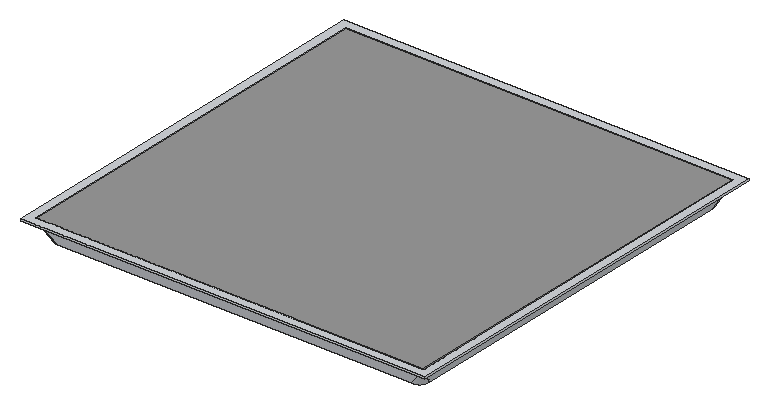
Revit family "44624", category Lighting Fixtures, host Face, Revit 2018
Family settings
  Host = Face
  Round Connector Dimension = Use Diameter
  Part Type = Normal
  OmniClass Number = 23.80.70.00
  OmniClass Title = Lighting
  Cut with Voids When Loaded = No
  Light Source = Yes
  Shared = No
  Room Calculation Point = No
Parameters (values of type "0044624 START PANEL ECO 600X600 3200 840")
  box length = 1160 mm
  Weight = "n/a"
  Wattage Comments = ""
  Wattage = 9.2903 W
  WarrantyStartDate [instance] = "n/a"
  WarrantyGuarantorParts = "n/a"
  WarrantyDurationUnit = "n/a"
  WarrantyDurationParts = ""
  WarrantyDescription = "http://www.sylvania-lighting.com"
  built-in parameter 1150110 = 1 (stored number, unit not read)
  Voltage = 0 V
  URL = "0.9"
  TypeName = "START Panel Eco 600x600 3200lm 840"
  Type Image = <None>
  Type Comments = "n/a"
  built-in parameter 1114217 = 1 (stored number, unit not read)
  Tilt Angle = -90.00°
  built-in parameter 1150109 = 1 (stored number, unit not read)
  built-in parameter 1150134 = 3
  built-in parameter 1150113 = 1 (stored number, unit not read)
  SerialNumber [instance] = "n/a"
  Photometric Web File = "0044624.IES"
  Material_3_SYL = none
  PowerFactor = 0
  PowerConsumption = "Lighting"
  NominalLength = 595 mm
  NominalHeight = 31 mm
  NominalDepth = 595 mm
  Name = "START Panel Eco 600x600 3200lm 840"
  ModelReference = Name  # "START Panel Eco 600x600 3200lm 840"
  ModelNumber = "0044624"
  Model = Name  # "START Panel Eco 600x600 3200lm 840"
  Material = "Feilo Sylvania"
  ManufacturerName = "110 lm/W"
  Manufacturer = ""
  LuminousEfficacy = ""
  built-in parameter 1150105 = 109.82 (stored number, unit not read)
  Lumens = 1380 lm
  LuminaireType = "0"
  built-in parameter 1150115 = 1 (stored number, unit not read)
  LightOutputRatio = "LED"
  built-in parameter 1150137 = (empty or 0)
  built-in parameter 1150139 = (empty or 0)
  LampsType = Lamp  # "n/a"
  LampNominalLuminous = "4000 K"
  LampMacAdamStep = "80"
  LampColourTemperature = "LED"
  LampColourRenderingIndex = "16500"
  built-in parameter 1150112 = 1 (stored number, unit not read)
  built-in parameter 1150114 = 1 (stored number, unit not read)
  Lamp = "n/a"
  Keynote = "n/a"
  InstallationDate [instance] = "n/a"
  InputVoltage = "0"
  InputNominalFrequency = "4000"
  built-in parameter 1150132 = (empty or 0)
  built-in parameter 1150102 = (empty or 0)
  built-in parameter 1150107 = 3200 (stored number, unit not read)
  built-in parameter 1150138 = (empty or 0)
  IngressProtection = "IfcLightFixtureType"
  ImpactProtectionIndex = "IfcLightFixtureType"
  built-in parameter 1150106 = 1.0982 (stored number, unit not read)
  IfcExportType = "IfcLightFixtureType"
  IfcExportAs = "Class II"
  Emit from Circle Diameter = 609.6 mm
  Emit Shape Visible in Rendering = no
  ElectricShockClassification = "110"
  built-in parameter 1150104 = 13.8 (stored number, unit not read)
  DocumentationLiterature = "http://www.sylvania-lighting.com/product/en-int/products/0044624"
  DimmingControlOptions = "n/a"
  Material_2_SYL = none
  Dimming Lamp Color Temperature Shift = <None>
  Description = "LED Panel with backlit technology, ideal for general indoor lighting applications such as breakout areas, offices and meeting rooms. Low glaring UGR<22. RG0, 110 degree beam angle , optical system: PS diffuser with Opal finish. Tp(b) rated diffuser that may not burn at a speed of more than 50mm per minute. Light color temperature: 4000K Neutral White, total system power: 29W , total fixture output: 3200lm, efficacy: 110lm/W, Ra80 typical, LED chromacity: 5 step MacAdam ellipse (SDCM5), lifespan: 100,000 hours at 70% of the original output (L70B50), IR/UV free light source without heat radiation, operating voltage: 220-240V / 50-60Hz, low flicker, non dimmable driver, electrical protection: Class II. Degree of Protection: IP40/IP20, suitable for indoor environment only. Nominal size: 595x595x31mm, Loop in / loop out wiring, saftey cables & quick connector included, 31mm nominal height, White color frame, weight: 1,52kg."
  Default Elevation = 1219.2 mm
  CreatedOn = "15/11/2023"
  CreatedBy = "@sylvania-lighting.com"
  Cost = 0
  Color Filter = 16777215
  built-in parameter 1114216 [instance] = (empty or 0)
  ClassificationValue = "EF_70_80"
  ClassificationName = "Uniclass2015"
  Material_1_SYL = none
  BarCode [instance] = "n/a"
  built-in parameter 1114218 = 1 (stored number, unit not read)
  built-in parameter 1150133 = 10 (stored number, unit not read)
  AssetType = "Fixed"
  AssetIdentifier [instance] = "n/a"
  Assembly Code = "D5020200"
  Apparent Load = 29 VA
  Material_4_SYL = none
Reference planes
  plane 1 "Center (Front/Back)": y = 0
  plane 2: z = 0
  plane 3 "Center (Left/Right)": x = 0
  plane 4: x = -297.5
  plane 5: x = 297.5
  plane 6: y = 297.5
  plane 7: y = -297.5
  plane 8: z = 31
  plane 9: z = 1
  plane 10: x = -284.5
  plane 11: y = 284.5
  plane 12: y = -284.5
  plane 13: x = 284.5
  plane 14: y = -275
  plane 15: y = 275
  plane 16: x = -275
  plane 17: x = 275
  plane 18: y = 260
  plane 19: x = -260
  plane 20: x = 260
  plane 21: y = -260
  plane 22: z = -28.5
  plane 23: z = 2.5
Forms (mm)
  Extrusion 1, solid, detail levels medium+fine
    sketch origin (0, 0, 0) x (1, 0, 0) y (0, 1, 0)
      loop
        line (-297.5, 297.5) -> (-297.5, -297.5) -> (297.5, -297.5) -> (297.5, 297.5) -> (-297.5, 297.5)
    from 0 to 2.5
  Extrusion 2, void
    sketch origin (0, 0, 0) x (1, 0, 0) y (0, 1, 0)
      loop
        line (-284.5, 284.5) -> (-284.5, -284.5) -> (284.5, -284.5) -> (284.5, 284.5) -> (-284.5, 284.5)
    from 2.5 to 1
  Extrusion 3, solid, material "Glass, White, High Luminance", detail levels fine
    sketch origin (0, 0, 0) x (1, 0, 0) y (0, 1, 0)
      loop
        line (-284.5, 284.5) -> (-284.5, -284.5) -> (284.5, -284.5) -> (284.5, 284.5) -> (-284.5, 284.5)
    from 2.5 to 1
  Blend 4, solid, detail levels medium+fine
    base sketch origin (0, 0, 0) x (1, 0, 0) y (0, 1, 0)
      loop
        line (-284.5, 284.5) -> (-284.5, -284.5) -> (284.5, -284.5) -> (284.5, 284.5) -> (-284.5, 284.5)
    top sketch origin (0, 0, 0) x (1, 0, 0) y (0, 1, 0)
      loop
        line (-275, 260) -> (-275, -260)
        arc (-275, -260) -> (-270.607, -270.607) -> (-260, -275) r 15
        line (-260, -275) -> (260, -275)
        arc (260, -275) -> (270.607, -270.607) -> (275, -260) r 15
        line (275, -260) -> (275, 260)
        arc (275, 260) -> (270.607, 270.607) -> (260, 275) r 15
        line (260, 275) -> (-260, 275)
        arc (-260, 275) -> (-270.607, 270.607) -> (-275, 260) r 15
    from 0 to -28.5
  Extrusion 5, solid, detail levels coarse
    sketch origin (0, 0, 0) x (1, 0, 0) y (0, 1, 0)
      loop
        line (-297.5, 297.5) -> (-297.5, -297.5) -> (297.5, -297.5) -> (297.5, 297.5) -> (-297.5, 297.5)
    from -28.5 to 2.5
Cuts and joins
  Extrusion 2 cuts Extrusion 1
Dimensions and locks
  "NominalLength": plane 4 to plane 5
  equal spacing: plane 4, plane 3 "Center (Left/Right)", plane 5
  "NominalDepth": plane 6 to plane 7
  equal spacing: plane 6, plane 1 "Center (Front/Back)", plane 7
  "NominalHeight": plane 8 to level
  plane 7 to plane 12 to plane 1 "Center (Front/Back)" = 13 mm, 284.5 mm
  "NominalHeight": plane 22 to plane 23
  aligned and locked: plane 2 to host face
  aligned and locked: level to host face
Automatic sketch dimensions
  host sketch curve to host sketch curve = 2438.4 mm  (x2)
  Extrusion 1 sketch curve to plane 4 = 0 mm
  Extrusion 1 sketch curve to plane 5 = 0 mm
  Extrusion 1 sketch curve to plane 7 = 0 mm
  Extrusion 1 sketch curve to plane 6 = 0 mm
  Extrusion 2 sketch curve to plane 10 = 0 mm
  Extrusion 2 sketch curve to plane 12 = 0 mm
  Extrusion 2 sketch curve to plane 13 = 0 mm
  Extrusion 2 sketch curve to plane 11 = 0 mm
  Extrusion 3 sketch curve to plane 10 = 0 mm
  Extrusion 3 sketch curve to plane 12 = 0 mm
  Extrusion 3 sketch curve to plane 13 = 0 mm
  Extrusion 3 sketch curve to plane 11 = 0 mm
  Blend 4 sketch curve to plane 10 = 0 mm
  Blend 4 sketch curve to plane 12 = 0 mm
  Blend 4 sketch curve to plane 13 = 0 mm
  Blend 4 sketch curve to plane 11 = 0 mm
  Blend 4 sketch curve to plane 15 = 0 mm
  Blend 4 sketch curve to plane 19 = 0 mm
  Blend 4 sketch curve to plane 14 = 0 mm
  Blend 4 sketch curve to plane 20 = 0 mm  (x2)
  Blend 4 sketch curve to plane 18 = 0 mm  (x2)
  Blend 4 sketch curve to plane 21 = 0 mm
  Extrusion 5 sketch curve to plane 4 = 0 mm
  Extrusion 5 sketch curve to plane 5 = 0 mm
  Extrusion 5 sketch curve to plane 7 = 0 mm
  Extrusion 5 sketch curve to plane 6 = 0 mm
Connectors
  electrical at (0, 0, 0)
    settings: on cut or joined group of Extrusion 1, Extrusion 2, index 1, voltage 0 V, apparent load 0 VA, apparent load phase1 0 VA, apparent load phase2 0 VA, apparent load phase3 0 VA, power factor 1, load classification "Other", number of poles 1, system type 31, power factor state 1, is connector primary yes, connector utility no, sub classification motor no, connector description ""
